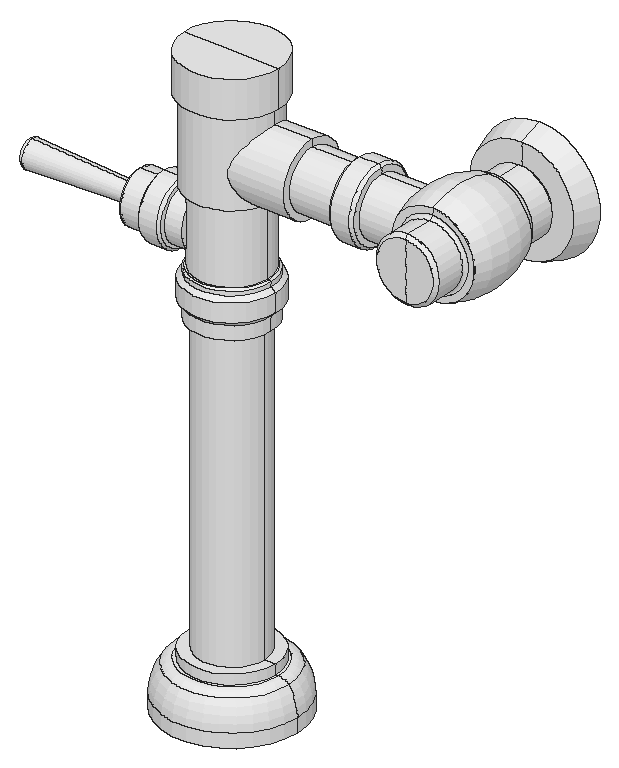
Revit family
Parameters (values of type "6047.111.002")
  Width = 5 1/4"
  Waste Connection = no
  Warranty Information = "1 Year Limited Warranty"
  WFU = 0
  Vent Connection = no
  URL = "http://www.americanstandard-us.com/"
  Type Comments = "Recommended: 25 psi (flowing)-80 psi (static). Water pressure over 80 psi is not recommended \r\nfor most plumbing fixtures."
  Product Page URL = "http://www.americanstandard-us.com/commercial-flush-valves/FloWise-Exposed-Manual-Flushometer-6231/"
  Product Documentation Link = "http://www.americanstandard-us.com/assets/documents/amstd/spec/SpecSheet_6231.pdf"
  Price = "Prices may vary. Please consult Manufacturer Representative for most up-to-date price list."  # constant formula
  Phone Number = "416-250-5656"  # constant formula
  Omniclass Table 23 Title = "Other Sanitary Washing Plumbing Fixtures"  # constant formula
  Omniclass Table 23 Code = "23.45.05.14.99"  # constant formula
  Model = "6047.111.002"
  Material = Metal-American Standard-002-Polished Chrome
  Masterformat Title = "Flushometers"  # constant formula
  Masterformat Number = "22 42 43"  # constant formula
  Manufacturer = "American Standard"
  Length = 2 1/4"
  Installation Type = "Surface Mounted"
  Height = 13 1/2"
  HWFU = 0
  HW Connection = no
  Flush Rate = "1.1 GPF"
  Description = "Exposed Manual Toilet 1.1 gpf Flush Valve"
  Default Elevation = 0"
  Creation Date = "16/04/2014"  # constant formula
  Created By = "Allied Technical Services"  # constant formula
  Cold Water Connection Width = 5 1/4"
  Cold Water Connection Radius = 3/8"
  Cold Water Connection Height = 11 1/2"
  Cold Water Connection Diameter = Cold Water Connection Radius * 2  # 3/4"
  CWFU = 0
  CW Connection = yes
  Assembly Code = "D2020300"
  ATS URL = "http://www.atsspec.net"
  ADA Compliant = yes
Reference planes (in)
  plane 1 "Center (Front/Back)": y = -1.78125
  plane 2: z = 0
  plane 3 "Center (Left/Right)": x = 0
  plane 4: z = 13.5
  plane 5: z = 11.5
  plane 6 "Right": x = 5.25
  plane 7: y = 0.46875
  plane 8: x = -0.75
  plane 9: x = 0.75
Forms (in)
  Revolve 1, solid, material "Metal-American Standard-002-Polished Chrome" <- "Material"
    sketch origin (0, -1.78125, 0) x (1, 0, 0) y (0, 0, -1)
      loop
        line (0, 0) -> (0, -13.5) -> (1.08292, -13.5) -> (1.08292, -12.67455) -> (0.97283, -12.67455) -> (0.97283, -10.74574) -> (0.82145, -10.74574) -> (0.82145, -9.08963) -> (0.85876, -9.08963) -> (0.90102, -9.04737) -> (0.90102, -8.95458) -> (0.99883, -8.85677) -> (0.99883, -8.44579) -> (0.90102, -8.34797) -> (0.90102, -8.04002) -> (0.75, -8.04002) -> (0.75, -1.24313) -> (1, -1.24313) -> (1, -1.02729) -> (1.07406, -1.02729)
        arc (1.07406, -1.02729) -> (1.20004, -0.99743) -> (1.29923, -0.91423) r 0.28075
        arc (1.29923, -0.91423) -> (1.4485, -0.62758) -> (1.5, -0.30853) r 1.01405
        line (1.5, -0.30853) -> (1.5, 0) -> (0, 0)
      axis (0, 0) -> (0, -13.5)
    angle from 0 to 360
  Revolve 2, solid, material "Metal-American Standard-002-Polished Chrome" <- "Material"
    sketch origin (0.0625, -1.78125, -0.13662) x (1, 0, 0) y (0, 0, -1)
      loop
        line (-0.74357, -9.90057) -> (-4.72348, -9.90057) -> (-4.72348, -10.11955)
        arc (-4.72348, -10.11955) -> (-4.6954, -10.18544) -> (-4.62842, -10.21082) r 0.09135
        line (-4.62842, -10.21082) -> (-2.3371, -10.11781)
        arc (-2.3371, -10.11781) -> (-2.26995, -10.1828) -> (-2.18898, -10.22943) r 0.38013
        line (-2.18898, -10.22943) -> (-2.18898, -10.44559)
        arc (-2.18898, -10.44559) -> (-2.17564, -10.4778) -> (-2.14343, -10.49114) r 0.04555
        line (-2.14343, -10.49114) -> (-1.66905, -10.49114) -> (-1.66905, -10.56986) -> (-1.6157, -10.62321) -> (-1.20908, -10.62321) -> (-1.15574, -10.56986) -> (-1.15574, -10.49114) -> (-0.74357, -10.49114) -> (-0.74357, -9.90057)
      axis (-0.74357, -9.90057) -> (-4.72348, -9.90057)
    angle from 0 to 360
  Revolve 3, solid, material "Metal-American Standard-002-Polished Chrome" <- "Material"
    sketch origin (0, -1.78125, -0.15234) x (1, 0, 0) y (0, 0, -1)
      loop
        line (0.13722, -11.65271) -> (0.13722, -12.46307) -> (1.83474, -12.46307) -> (1.83474, -12.31047) -> (2.86963, -12.31047) -> (2.86963, -12.43567) -> (2.93984, -12.49671) -> (3.35496, -12.49671) -> (3.42517, -12.43567) -> (3.42517, -12.31047) -> (4.50748, -12.31047) -> (4.50748, -11.65271) -> (0.13722, -11.65271)
      axis (0.13722, -11.65271) -> (4.50748, -11.65271)
    angle from 0 to 360
  Revolve 4, solid, material "Metal-American Standard-002-Polished Chrome" <- "Material"
    sketch origin (5.25, 0, 0) x (0, 0, 1) y (0, -1, 0)
      loop
        line (11.5, 3.37741) -> (10.85039, 3.37741) -> (10.77212, 3.29974) -> (10.77212, 2.66255)
        arc (10.77212, 2.66255) -> (10.75027, 2.60981) -> (10.69753, 2.58797) r 0.07459
        line (10.69753, 2.58797) -> (10.54918, 2.58797)
        arc (10.54918, 2.58797) -> (10.38437, 1.78246) -> (10.54944, 0.97701) r 2.04921
        line (10.54944, 0.97701) -> (10.59961, 0.97701)
        arc (10.59961, 0.97701) -> (10.60342, 0.88047) -> (10.65616, 0.79952) r 0.18174
        line (10.65616, 0.79952) -> (10.72639, 0.79952)
        arc (10.72639, 0.79952) -> (10.7405, 0.78008) -> (10.7455, 0.75658) r 0.0578
        line (10.7455, 0.75658) -> (10.7455, 0.11975) -> (10.82229, 0.04296) -> (10.29824, 0.04296) -> (10.12205, -0.46875) -> (11, -0.46875) -> (11, -0.50354) -> (11.5, -0.50354) -> (11.5, 3.37741)
      axis (11.5, 3.37741) -> (11.5, -0.50354)
    angle from 0 to 360
Cuts and joins
  joined: Revolve 1, Revolve 2, Revolve 3
Lines and regions (in)
  Masking region 1
    outline origin (0, 0, 0) x (0, 1, 0) y (0, 0, 1)
      loop
        line (-2.86417, 13.5) -> (-2.86417, 12.65392) -> (-2.7575, 12.65392) -> (-2.7575, 12.22727) -> (-3.29428, 12.22727) -> (-3.37741, 12.14415) -> (-3.37741, 10.84923) -> (-3.27392, 10.74574) -> (-2.75408, 10.74574) -> (-2.6025, 10.74574) -> (-2.6025, 9.08963) -> (-2.64057, 9.08963) -> (-2.68319, 9.04701) -> (-2.68319, 8.95367) -> (-2.77996, 8.8569) -> (-2.77996, 8.44674) -> (-2.68227, 8.34906) -> (-2.68227, 8.04002) -> (-2.53125, 8.04002) -> (-2.53125, 1.24313) -> (-2.78125, 1.24313) -> (-2.78125, 1.02729) -> (-2.85531, 1.02729)
        arc (-2.85531, 1.02729) -> (-2.94787, 1.01578) -> (-3.02486, 0.96314) r 0.19777
        arc (-3.02486, 0.96314) -> (-3.21495, 0.65294) -> (-3.28125, 0.29522) r 0.9982
        line (-3.28125, 0.29522) -> (-3.28125, 0) -> (-0.28125, 0) -> (-0.28125, 0.29522)
        arc (-0.28125, 0.29522) -> (-0.34755, 0.65294) -> (-0.53764, 0.96314) r 0.9982
        arc (-0.53764, 0.96314) -> (-0.61463, 1.01578) -> (-0.70719, 1.02729) r 0.19777
        line (-0.70719, 1.02729) -> (-0.78125, 1.02729) -> (-0.78125, 1.24313) -> (-1.03125, 1.24313) -> (-1.03125, 8.04002) -> (-0.88023, 8.04002) -> (-0.88023, 8.34906) -> (-0.78254, 8.44674) -> (-0.78254, 8.8569) -> (-0.87931, 8.95367) -> (-0.87931, 9.04701) -> (-0.92193, 9.08963) -> (-0.96, 9.08963) -> (-0.96, 10.59358)
        arc (-0.96, 10.59358) -> (-0.8752, 10.60681) -> (-0.805, 10.6562) r 0.18891
        line (-0.805, 10.6562) -> (-0.805, 10.72709)
        arc (-0.805, 10.72709) -> (-0.78731, 10.74067) -> (-0.76554, 10.7455) r 0.05152
        line (-0.76554, 10.7455) -> (-0.11975, 10.7455) -> (-0.04296, 10.82229) -> (-0.04296, 10.29824) -> (0.46875, 10.12205) -> (0.46875, 11) -> (0.50354, 11) -> (0.50354, 12) -> (0.46875, 12) -> (0.46875, 12.87795) -> (-0.04296, 12.70176) -> (-0.04296, 12.17771) -> (-0.11975, 12.2545) -> (-0.76554, 12.2545)
        arc (-0.76554, 12.2545) -> (-0.78731, 12.25933) -> (-0.805, 12.27291) r 0.05152
        line (-0.805, 12.27291) -> (-0.805, 12.65392) -> (-0.69833, 12.65392) -> (-0.69833, 13.5) -> (-2.86417, 13.5)
  Masking region 2
    outline origin (0, -1.78125, 0) x (1, 0, 0) y (0, 0, 1)
      loop
        line (-2.2746, 9.9812) -> (-4.56674, 10.07399)
        arc (-4.56674, 10.07399) -> (-4.63301, 10.04887) -> (-4.66079, 9.98367) r 0.0904
        line (-4.66079, 9.98367) -> (-4.66079, 9.54423)
        arc (-4.66079, 9.54423) -> (-4.63301, 9.47903) -> (-4.56674, 9.45391) r 0.0904
        line (-4.56674, 9.45391) -> (-2.2746, 9.54671)
        arc (-2.2746, 9.54671) -> (-2.20929, 9.48086) -> (-2.12648, 9.43909) r 0.2889
        line (-2.12648, 9.43909) -> (-2.12648, 9.2101)
        arc (-2.12648, 9.2101) -> (-2.11482, 9.18196) -> (-2.08667, 9.1703) r 0.0398
        line (-2.08667, 9.1703) -> (-1.60655, 9.1703) -> (-1.60655, 9.09158) -> (-1.5532, 9.03823) -> (-1.14658, 9.03823) -> (-1.09324, 9.09158) -> (-1.09324, 9.17053) -> (-0.82145, 9.17053) -> (-0.82145, 9.08963) -> (-0.85876, 9.08963) -> (-0.90102, 9.04737) -> (-0.90102, 8.95458) -> (-0.99883, 8.85677) -> (-0.99883, 8.44579) -> (-0.90102, 8.34797) -> (-0.90102, 8.04002) -> (-0.75, 8.04002) -> (-0.75, 1.24313) -> (-1, 1.24313) -> (-1, 1.02729) -> (-1.07406, 1.02729)
        arc (-1.07406, 1.02729) -> (-1.1774, 1.00724) -> (-1.26293, 0.94588) r 0.24625
        arc (-1.26293, 0.94588) -> (-1.4387, 0.65905) -> (-1.5, 0.32828) r 0.92299
        line (-1.5, 0.32828) -> (-1.5, 0) -> (1.5, 0) -> (1.5, 0.32828)
        arc (1.5, 0.32828) -> (1.4387, 0.65905) -> (1.26293, 0.94588) r 0.92299
        arc (1.26293, 0.94588) -> (1.1774, 1.00724) -> (1.07406, 1.02729) r 0.24625
        line (1.07406, 1.02729) -> (1, 1.02729) -> (1, 1.24313) -> (0.75, 1.24313) -> (0.75, 8.04002) -> (0.90102, 8.04002) -> (0.90102, 8.34797) -> (0.99883, 8.44579) -> (0.99883, 8.85677) -> (0.90102, 8.95458) -> (0.90102, 9.04737) -> (0.85876, 9.08963) -> (0.82145, 9.08963) -> (0.82145, 10.68927) -> (1.83474, 10.68927) -> (1.83474, 10.84211) -> (2.86963, 10.84211) -> (2.86963, 10.71667) -> (2.94082, 10.65564) -> (3.35496, 10.65564) -> (3.42517, 10.71667) -> (3.42517, 10.844) -> (4.03133, 10.844)
        arc (4.03133, 10.844) -> (6.63575, 11.5) -> (4.03133, 12.156) r 1.38483
        line (4.03133, 12.156) -> (3.42517, 12.156) -> (3.42517, 12.28333) -> (3.35496, 12.34436) -> (2.94082, 12.34436) -> (2.86963, 12.28333) -> (2.86963, 12.15789) -> (1.83474, 12.15789) -> (1.83474, 12.31073) -> (0.97283, 12.31073) -> (0.97283, 12.65392) -> (1.08292, 12.65392) -> (1.08292, 13.5) -> (-1.08292, 13.5) -> (-1.08292, 12.67455) -> (-0.97283, 12.67455) -> (-0.97283, 10.74574) -> (-0.82145, 10.74574) -> (-0.82145, 10.35429) -> (-1.09324, 10.35429) -> (-1.09324, 10.43324) -> (-1.14658, 10.48659) -> (-1.5532, 10.48659) -> (-1.60655, 10.43324) -> (-1.60655, 10.35452) -> (-2.08667, 10.35452)
        arc (-2.08667, 10.35452) -> (-2.11482, 10.34286) -> (-2.12648, 10.31472) r 0.0398
        line (-2.12648, 10.31472) -> (-2.12648, 10.08881)
        arc (-2.12648, 10.08881) -> (-2.20929, 10.04705) -> (-2.2746, 9.9812) r 0.2889
  Masking region 3
    outline origin (0, 0, 0) x (1, 0, 0) y (0, 1, 0)
      loop
        line (-2.2746, -1.56401) -> (-4.57233, -1.47129)
        arc (-4.57233, -1.47129) -> (-4.63501, -1.49725) -> (-4.66098, -1.55993) r 0.08864
        line (-4.66098, -1.55993) -> (-4.66098, -2.00257)
        arc (-4.66098, -2.00257) -> (-4.63501, -2.06525) -> (-4.57233, -2.09121) r 0.08864
        line (-4.57233, -2.09121) -> (-2.2746, -1.99849)
        arc (-2.2746, -1.99849) -> (-2.20878, -2.06212) -> (-2.12648, -2.10221) r 0.29175
        line (-2.12648, -2.10221) -> (-2.12648, -2.32258)
        arc (-2.12648, -2.32258) -> (-2.11171, -2.35823) -> (-2.07607, -2.37299) r 0.05041
        line (-2.07607, -2.37299) -> (-1.60655, -2.37299) -> (-1.60655, -2.45054) -> (-1.5532, -2.50389) -> (-1.31446, -2.50389)
        arc (-1.31446, -2.50389) -> (-0.05104, -3.28038) -> (1.26227, -2.59161) r 1.5
        line (1.26227, -2.59161) -> (1.83474, -2.59161) -> (1.83474, -2.43905) -> (2.86963, -2.43905) -> (2.86963, -2.56421) -> (2.94031, -2.62565) -> (3.35439, -2.62565) -> (3.42517, -2.56421) -> (3.42517, -2.43871) -> (4.23661, -2.43871)
        arc (4.23661, -2.43871) -> (4.2632, -2.51115) -> (4.29255, -2.5825) r 2.00986
        line (4.29255, -2.5825) -> (4.438, -2.5825)
        arc (4.438, -2.5825) -> (4.49261, -2.60512) -> (4.51523, -2.65973) r 0.07723
        line (4.51523, -2.65973) -> (4.51523, -3.29428) -> (4.5935, -3.37195) -> (5.25, -3.37195) -> (5.89868, -3.37195) -> (5.97696, -3.29428) -> (5.97696, -2.65973)
        arc (5.97696, -2.65973) -> (5.99958, -2.60512) -> (6.05419, -2.5825) r 0.07723
        line (6.05419, -2.5825) -> (6.19964, -2.5825)
        arc (6.19964, -2.5825) -> (6.36572, -1.78249) -> (6.19964, -0.98247) r 2.00986
        line (6.19964, -0.98247) -> (6.14718, -0.98247)
        arc (6.14718, -0.98247) -> (6.14348, -0.88656) -> (6.09292, -0.80498) r 0.18797
        line (6.09292, -0.80498) -> (6.02204, -0.80498)
        arc (6.02204, -0.80498) -> (6.00985, -0.78656) -> (6.00358, -0.76539) r 0.07471
        line (6.00358, -0.76539) -> (6.00358, -0.11975) -> (5.92679, -0.04296) -> (6.45083, -0.04296) -> (6.62703, 0.46875) -> (5.74908, 0.46875) -> (5.74908, 0.50354) -> (5.25, 0.50354) -> (4.75092, 0.50354) -> (4.75092, 0.46875) -> (3.87297, 0.46875) -> (4.04917, -0.04296) -> (4.5654, -0.04296) -> (4.48861, -0.11975) -> (4.48861, -0.76485)
        arc (4.48861, -0.76485) -> (4.48233, -0.78603) -> (4.47015, -0.80444) r 0.07471
        line (4.47015, -0.80444) -> (4.39927, -0.80444)
        arc (4.39927, -0.80444) -> (4.34871, -0.88602) -> (4.34501, -0.98193) r 0.18797
        line (4.34501, -0.98193) -> (4.29255, -0.98193)
        arc (4.29255, -0.98193) -> (4.26368, -1.05201) -> (4.23747, -1.12312) r 2.01007
        line (4.23747, -1.12312) -> (3.42517, -1.12312) -> (3.42517, -0.99829) -> (3.35439, -0.93685) -> (2.94031, -0.93685) -> (2.86963, -0.99829) -> (2.86963, -1.12345) -> (1.83474, -1.12345) -> (1.83474, -0.97089) -> (1.26227, -0.97089)
        arc (1.26227, -0.97089) -> (-0.05104, -0.28212) -> (-1.31446, -1.05861) r 1.5
        line (-1.31446, -1.05861) -> (-1.5532, -1.05861) -> (-1.60655, -1.11196) -> (-1.60655, -1.18951) -> (-2.07607, -1.18951)
        arc (-2.07607, -1.18951) -> (-2.11171, -1.20427) -> (-2.12648, -1.23992) r 0.05041
        line (-2.12648, -1.23992) -> (-2.12648, -1.46029)
        arc (-2.12648, -1.46029) -> (-2.20878, -1.50038) -> (-2.2746, -1.56401) r 0.29175
  symbolic lines, style "PlumbingFixtures", detail levels fine
    curve 1: line (0, -0.11975, 12.2545) -> (0, -0.11975, 10.7455)
    curve 2: line (0, -3.27392, 12.22727) -> (0, -3.27392, 10.74574)
    curve 3: line (0, 0.46875, 12) -> (0, 0.46875, 11)
    curve 4: line (0, -0.04296, 12.17771) -> (0, -0.04296, 10.82229)
    curve 7: line (-2.2746, -1.78125, 9.55817) -> (-2.2746, -1.78125, 9.99266)
    curve 8: circle (5.25092, -1.78125, 11.5) r 0.95082 normal (0, -1, 0)
    curve 9: circle (5.25092, -1.78125, 11.5) r 0.72788 normal (0, -1, 0)
    curve 13: line (3.42517, -1.78125, 10.844) -> (3.42517, -1.78125, 12.156)
    curve 14: line (2.86963, -1.78125, 10.84211) -> (2.86963, -1.78125, 12.15789)
    curve 15: line (-2.12648, -1.78125, 9.45055) -> (-2.12648, -1.78125, 10.10028)
    curve 16: line (-1.60655, -1.78125, 9.18485) -> (-1.60655, -1.78125, 10.36598)
    curve 17: line (-1.09324, -1.78125, 9.18508) -> (-1.09324, -1.78125, 10.36575)
    curve 21: line (4.51523, -3.29428, 0) -> (5.97696, -3.29428, 0)
    curve 22: line (4.48861, -0.11975, 0) -> (6.00358, -0.11975, 0)
    curve 28: circle (0, -1.78125, 0) r 0.54419 normal (0, 0, -1)
    curve 30: line (4.75092, 0.46875, 0) -> (5.74908, 0.46875, 0)
    curve 32: line (3.42517, -2.43871, 0) -> (3.42517, -1.12377, 0)
    curve 33: line (2.86963, -2.43905, 0) -> (2.86963, -1.12345, 0)
    curve 34: line (-1.60655, -2.37299, 0) -> (-1.60655, -1.18951, 0)
    curve 37: line (-2.12648, -2.10221, 0) -> (-2.12648, -1.46029, 0)
    curve 38: line (4.34501, -0.98247, 0) -> (6.14718, -0.98247, 0)
    curve 39: line (4.47015, -0.80498, 0) -> (6.02204, -0.80498, 0)
    curve 41: line (-0.90102, -1.78125, 8.95458) -> (0.90102, -1.78125, 8.95458)
    curve 42: line (-0.90102, -1.78125, 8.34797) -> (0.90102, -1.78125, 8.34797)
    curve 43: line (-0.85876, -1.78125, 9.08963) -> (0.82145, -1.78125, 9.08963)
    curve 49: line (0, -2.68227, 8.34906) -> (0, -0.88023, 8.34906)
    curve 50: line (0, -0.87931, 8.95367) -> (0, -2.68319, 8.95367)
    curve 51: line (0, -2.6025, 9.08963) -> (0, -2.04103, 9.08963)
    curve 53: line (0, -2.78125, 1.02729) -> (0, -0.78125, 1.02729)
    curve 55: line (0, -1.52147, 9.08963) -> (0, -0.96, 9.08963)
    curve 61: line (-0.82145, -1.78125, 9.17053) -> (-0.82145, -1.78125, 10.36575)
  symbolic lines, style "PlumbingFixtures", detail levels medium+fine
    curve 5: line (0, -2.75408, 12.65392) -> (0, -0.805, 12.65392)
    curve 6: line (0, -2.7575, 12.22727) -> (0, -2.7575, 10.74434)
    curve 10: line (-0.97283, -1.78125, 12.67455) -> (0.97283, -1.78125, 12.67455)
    curve 11: line (1.83474, -1.78125, 10.84211) -> (1.83474, -1.78125, 12.15789)
    curve 12: arc (4.03133, -1.78125, 10.844) -> (3.8661, -1.78125, 11.4968) -> (4.02831, -1.78125, 12.15037) r 1.38483
    curve 18: circle (0, -1.78125, 0) r 1.08292 normal (0, 0, -1)
    curve 19: line (-1.09324, -1.11196, 0) -> (-1.09324, -1.19606, 0)
    curve 20: line (-0.91119, -1.19606, 0) -> (-1.09324, -1.19606, 0)
    curve 23: line (-1.14658, -1.05861, 0) -> (-1.09324, -1.11196, 0)
    curve 24: line (-0.90763, -2.37195, 0) -> (-1.09324, -2.37195, 0)
    curve 25: line (-1.09324, -2.45054, 0) -> (-1.14658, -2.50389, 0)
    curve 26: line (1.26227, -0.97089, 0) -> (0.71835, -0.97089, 0)
    curve 27: line (1.26227, -2.59161, 0) -> (0.71835, -2.59161, 0)
    curve 29: line (4.5654, -0.04296, 0) -> (5.92679, -0.04296, 0)
    curve 31: line (4.438, -2.5825, 0) -> (6.05419, -2.5825, 0)
    curve 35: line (-1.09324, -1.19606, 0) -> (-1.09324, -2.37195, 0)
    curve 36: line (-1.09324, -2.37195, 0) -> (-1.09324, -2.45054, 0)
    curve 40: arc (4.23747, -1.12377, 0) -> (4.12646, -1.78117, 0) -> (4.23661, -2.43871, 0) r 2.00986
    curve 44: line (-0.75, -1.78125, 1.24313) -> (0.75, -1.78125, 1.24313)
    curve 45: line (-1, -1.78125, 1.02729) -> (1, -1.78125, 1.02729)
    curve 46: line (-0.75, -1.78125, 8.04002) -> (0.75, -1.78125, 8.04002)
    curve 47: circle (0, -1.78125, 9.76395) r 0.72264 normal (1, 0, 0)
    curve 48: circle (0, -1.78125, 9.76395) r 0.32886 normal (1, 0, 0)
    curve 52: line (0, -2.53125, 1.24313) -> (0, -1.03125, 1.24313)
    curve 54: line (0, -2.53125, 8.04002) -> (0, -1.03125, 8.04002)
    curve 56: line (-1.31446, -2.50389, 0) -> (-1.14658, -2.50389, 0)
    curve 57: line (-1.31446, -1.05861, 0) -> (-1.14658, -1.05861, 0)
    curve 58: line (1.83474, -2.43905, 0) -> (1.83474, -1.12345, 0)
  symbolic lines, detail levels fine
    curve 59: arc (0.97283, -1.78125, 12.31073) -> (0.67203, -1.78125, 11.52139) -> (0.82145, -1.78125, 10.69) r 1.578
  symbolic lines, detail levels medium+fine
    curve 60: line (0, -0.805, 12.27291) -> (0, -0.805, 10.72709)
Dimensions and locks (in)
  "Cold Water Connection Height": plane 5 to plane 2
  "Cold Water Connection Width": plane 6 "Right" to plane 3 "Center (Left/Right)"
  "Length": plane 7 to plane 1 "Center (Front/Back)"
  "Height": plane 4 to plane 2
Automatic sketch dimensions
  plane 3 "Center (Left/Right)" to Revolve 3 sketch curve = 0.13722"
  plane 5 to Revolve 3 sketch curve = 0.00037"  (x2)
  Revolve 3 sketch curve to Revolve 3 sketch curve = 0.82644"
  Revolve 3 sketch curve to Revolve 3 sketch curve = 1/4"
  Revolve 3 sketch curve to Revolve 3 sketch curve = 159/256"
  Revolve 3 sketch curve to Revolve 3 sketch curve = 1.03489"
  plane 5 to Revolve 3 sketch curve = 0.84436"
  Revolve 3 sketch curve to Revolve 3 sketch curve = 0.07021"  (x2)
  Revolve 3 sketch curve to Revolve 3 sketch curve = 0.41512"
  Revolve 3 sketch curve to plane 6 "Right" = 0.74252"
  Revolve 3 sketch curve to Revolve 3 sketch curve = 0.81036"
  Revolve 3 sketch curve to Revolve 3 sketch curve = 0.06103"  (x2)
  Revolve 3 sketch curve to Revolve 3 sketch curve = 0.65776"
  Revolve 3 sketch curve to Revolve 3 sketch curve = 0.12521"
  Revolve 2 sketch curve to plane 3 "Center (Left/Right)" = 4.66098"
  Revolve 2 sketch curve to Revolve 2 sketch curve = 0.09135"
  Revolve 2 sketch curve to Revolve 2 sketch curve = 0.0037"
  Revolve 2 sketch curve to plane 3 "Center (Left/Right)" = 2.2746"
  Revolve 2 sketch curve to Revolve 2 sketch curve = 0.14813"
  Revolve 2 sketch curve to Revolve 2 sketch curve = 0.04555"
  Revolve 2 sketch curve to Revolve 2 sketch curve = 0.29592"
  Revolve 2 sketch curve to Revolve 2 sketch curve = 0.47438"
  Revolve 2 sketch curve to Revolve 2 sketch curve = 0.05334"  (x4)
  Revolve 2 sketch curve to Revolve 2 sketch curve = 0.45879"
  Revolve 2 sketch curve to Revolve 2 sketch curve = 0.40662"
  Revolve 2 sketch curve to Revolve 2 sketch curve = 57/256"
  Revolve 2 sketch curve to Revolve 2 sketch curve = 0.41216"
  Revolve 2 sketch curve to plane 5 = 1.01341"
  Revolve 2 sketch curve to Revolve 2 sketch curve = 0.07872"  (x2)
  Revolve 2 sketch curve to Revolve 2 sketch curve = 0.21616"
  Revolve 2 sketch curve to plane 5 = 1 109/256"
  Revolve 2 sketch curve to Revolve 2 sketch curve = 0.11162"
  Revolve 2 sketch curve to Revolve 2 sketch curve = 0.59057"
  Revolve 2 sketch curve to Revolve 2 sketch curve = 0"
  Revolve 1 sketch curve to level = 0"  (x2)
  Revolve 1 sketch curve to plane 3 "Center (Left/Right)" = 0"  (x2)
  Revolve 1 sketch curve to plane 9 = 0"
  Revolve 1 sketch curve to plane 4 = 0"
  Revolve 1 sketch curve to plane 9 = 0.26405"
  plane 9 to Revolve 1 sketch curve = 0.07145"
  Revolve 1 sketch curve to Revolve 1 sketch curve = 0.03731"
  Revolve 1 sketch curve to Revolve 1 sketch curve = 0.04226"  (x2)
  plane 9 to Revolve 1 sketch curve = 0.15102"
  Revolve 1 sketch curve to Revolve 1 sketch curve = 0.15138"
  Revolve 1 sketch curve to Revolve 1 sketch curve = 0.09781"  (x3)
  plane 9 to Revolve 1 sketch curve = 1/4"
  Revolve 1 sketch curve to Revolve 1 sketch curve = 0.07406"
  Revolve 1 sketch curve to Revolve 1 sketch curve = 0.11009"
  Revolve 1 sketch curve to Revolve 1 sketch curve = 0.22517"
  Revolve 1 sketch curve to Revolve 1 sketch curve = 0"
  level to Revolve 1 sketch curve = 0.30853"
  Revolve 1 sketch curve to Revolve 1 sketch curve = 0.42594"
  Revolve 1 sketch curve to plane 4 = 0.82545"
  Revolve 1 sketch curve to plane 5 = 0.75426"
  Revolve 1 sketch curve to Revolve 1 sketch curve = 1.65612"
  Revolve 1 sketch curve to Revolve 1 sketch curve = 0.09279"
  Revolve 1 sketch curve to Revolve 1 sketch curve = 0.41098"
  Revolve 1 sketch curve to Revolve 1 sketch curve = 0.30795"
  Revolve 1 sketch curve to Revolve 1 sketch curve = 0.21585"
  Revolve 1 sketch curve to Revolve 1 sketch curve = 0.44147"
  plane 8 to Masking region 2 sketch curve = 0"
  Masking region 2 sketch curve to plane 9 = 0"
  Masking region 2 sketch curve to level = 0"
  Masking region 2 sketch curve to plane 5 = 0"
  plane 8 to Masking region 2 sketch curve = 0.07145"  (x2)
  Masking region 2 sketch curve to Masking region 2 sketch curve = 0.03731"  (x2)
  Masking region 2 sketch curve to Masking region 2 sketch curve = 0.04226"  (x4)
  Masking region 2 sketch curve to Masking region 2 sketch curve = 0.15102"
  Masking region 2 sketch curve to Masking region 2 sketch curve = 0.15138"
  Masking region 2 sketch curve to Masking region 2 sketch curve = 0.09781"  (x6)
  plane 8 to Masking region 2 sketch curve = 1/4"
  Masking region 2 sketch curve to Masking region 2 sketch curve = 0.07406"  (x2)
  Masking region 2 sketch curve to Masking region 2 sketch curve = 0.00586"  (x2)
  Masking region 2 sketch curve to Masking region 2 sketch curve = 0.11009"  (x2)
  Masking region 2 sketch curve to Masking region 2 sketch curve = 0.27179"
  Masking region 2 sketch curve to Masking region 2 sketch curve = 0.19222"
  Masking region 2 sketch curve to Masking region 2 sketch curve = 0.05334"  (x7)
  Masking region 2 sketch curve to Masking region 2 sketch curve = 0.18886"  (x2)
  Masking region 2 sketch curve to Masking region 2 sketch curve = 0"  (x5)
  plane 8 to Masking region 2 sketch curve = 3/4"
  Masking region 2 sketch curve to Masking region 2 sketch curve = 0.40662"  (x2)
  Masking region 2 sketch curve to Masking region 2 sketch curve = 0.43293"
  Masking region 2 sketch curve to Masking region 2 sketch curve = 0.48013"  (x2)
  Masking region 2 sketch curve to Masking region 2 sketch curve = 0.0398"  (x2)
  Masking region 2 sketch curve to Masking region 2 sketch curve = 0.14813"  (x2)
  Masking region 2 sketch curve to Masking region 2 sketch curve = 2.29213"
  Masking region 2 sketch curve to plane 5 = 1.42601"
  Masking region 2 sketch curve to Masking region 2 sketch curve = 0.00366"  (x2)
  Masking region 2 sketch curve to Masking region 2 sketch curve = 0.0904"
  Masking region 2 sketch curve to plane 8 = 0.17299"
  Masking region 2 sketch curve to plane 9 = 0.17299"
  plane 9 to Masking region 2 sketch curve = 0.07145"
  plane 9 to Masking region 2 sketch curve = 0.15102"
  plane 9 to Masking region 2 sketch curve = 0.22283"
  plane 9 to Masking region 2 sketch curve = 1/4"
  level to Masking region 2 sketch curve = 0.32828"
  Masking region 2 sketch curve to Masking region 2 sketch curve = 0.42008"
  Masking region 2 sketch curve to Masking region 2 sketch curve = 0.86191"
  Masking region 2 sketch curve to Masking region 2 sketch curve = 1.01329"
  Masking region 2 sketch curve to Masking region 2 sketch curve = 1.03489"  (x2)
  Masking region 2 sketch curve to Masking region 2 sketch curve = 0.07119"  (x2)
  plane 5 to Masking region 2 sketch curve = 0.84436"
  Masking region 2 sketch curve to Masking region 2 sketch curve = 0.41414"  (x2)
  Masking region 2 sketch curve to plane 5 = 0.78333"
  Masking region 2 sketch curve to Masking region 2 sketch curve = 0.07021"  (x2)
  Masking region 2 sketch curve to Masking region 2 sketch curve = 0.60615"  (x2)
  plane 6 "Right" to Masking region 2 sketch curve = 0.00092"
  Masking region 2 sketch curve to Masking region 2 sketch curve = 0.32828"
  Masking region 2 sketch curve to Masking region 2 sketch curve = 0.21585"  (x2)
  Masking region 2 sketch curve to plane 5 = 3.45998"
  Masking region 2 sketch curve to Masking region 2 sketch curve = 0.30795"  (x2)
  Masking region 2 sketch curve to Masking region 2 sketch curve = 0.41098"  (x2)
  Masking region 2 sketch curve to Masking region 2 sketch curve = 0.18147"
  Masking region 2 sketch curve to Masking region 2 sketch curve = 0.09279"  (x2)
  Masking region 2 sketch curve to Masking region 2 sketch curve = 0.07872"  (x2)
  Masking region 2 sketch curve to Masking region 2 sketch curve = 0.07895"  (x2)
  Masking region 2 sketch curve to Masking region 2 sketch curve = 0.22899"
  Masking region 2 sketch curve to Masking region 2 sketch curve = 0.52976"
  Masking region 2 sketch curve to Masking region 2 sketch curve = 0.10762"
  Masking region 2 sketch curve to Masking region 2 sketch curve = 0.09874"
  Masking region 2 sketch curve to Masking region 2 sketch curve = 0.16787"
  Masking region 2 sketch curve to Masking region 2 sketch curve = 0.2259"
  Masking region 2 sketch curve to Masking region 2 sketch curve = 0.00023"
  Masking region 2 sketch curve to Masking region 2 sketch curve = 0.06103"  (x4)
  Masking region 2 sketch curve to plane 5 = 0.81073"
  Masking region 2 sketch curve to Masking region 2 sketch curve = 0.39145"
  Masking region 2 sketch curve to Masking region 2 sketch curve = 0.12544"
  Masking region 2 sketch curve to Masking region 2 sketch curve = 0.12733"
  plane 5 to Masking region 2 sketch curve = 0.65789"
  Masking region 2 sketch curve to Masking region 2 sketch curve = 0.15284"
  Masking region 2 sketch curve to Masking region 2 sketch curve = 0.3432"
  Masking region 2 sketch curve to plane 4 = 0.82545"
  Masking region 2 sketch curve to plane 4 = 0"
  Masking region 3 sketch curve to Masking region 3 sketch curve = 0"  (x6)
  plane 7 to Masking region 3 sketch curve = 0"  (x2)
  Masking region 3 sketch curve to plane 6 "Right" = 0"  (x2)
  Masking region 3 sketch curve to Masking region 3 sketch curve = 0.49908"
  Masking region 3 sketch curve to Masking region 3 sketch curve = 0.6565"
  Masking region 3 sketch curve to Masking region 3 sketch curve = 0.18553"
  Masking region 3 sketch curve to plane 6 "Right" = 0.72154"
  Masking region 3 sketch curve to Masking region 3 sketch curve = 0.07828"  (x2)
  Masking region 3 sketch curve to Masking region 3 sketch curve = 0.07679"  (x3)
  Masking region 3 sketch curve to Masking region 3 sketch curve = 0.01846"  (x2)
  Masking region 3 sketch curve to Masking region 3 sketch curve = 0.07723"  (x2)
  Masking region 3 sketch curve to Masking region 3 sketch curve = 0.05552"
  Masking region 3 sketch curve to Masking region 3 sketch curve = 0.01535"  (x2)
  plane 1 "Center (Front/Back)" to Masking region 3 sketch curve = 0.00124"  (x2)
  Masking region 3 sketch curve to Masking region 3 sketch curve = 0.08213"  (x2)
  Masking region 3 sketch curve to Masking region 3 sketch curve = 0.05426"  (x2)
  Masking region 3 sketch curve to Masking region 3 sketch curve = 0.14545"  (x2)
  Masking region 3 sketch curve to Masking region 3 sketch curve = 0.05246"  (x2)
  Masking region 3 sketch curve to Masking region 3 sketch curve = 0.05507"
  Masking region 3 sketch curve to Masking region 3 sketch curve = 0.05594"
  Masking region 3 sketch curve to Masking region 3 sketch curve = 0.43944"
  Masking region 3 sketch curve to Masking region 3 sketch curve = 0.1762"  (x2)
  Masking region 3 sketch curve to Masking region 3 sketch curve = 0.81144"
  Masking region 3 sketch curve to Masking region 3 sketch curve = 0.8123"
  Masking region 3 sketch curve to Masking region 3 sketch curve = 0.07078"  (x2)
  Masking region 3 sketch curve to Masking region 3 sketch curve = 0.41408"  (x2)
  Masking region 3 sketch curve to plane 1 "Center (Front/Back)" = 0.8444"
  Masking region 3 sketch curve to plane 1 "Center (Front/Back)" = 0.78296"
  Masking region 3 sketch curve to Masking region 3 sketch curve = 0.07067"  (x2)
  Masking region 3 sketch curve to Masking region 3 sketch curve = 1.03489"  (x2)
  plane 9 to Masking region 3 sketch curve = 0.51227"  (x2)
  Masking region 3 sketch curve to Masking region 3 sketch curve = 0.23874"  (x2)
  Masking region 3 sketch curve to Masking region 3 sketch curve = 0.05334"  (x3)
  plane 1 "Center (Front/Back)" to Masking region 3 sketch curve = 0.04188"
  Masking region 3 sketch curve to Masking region 3 sketch curve = 0.43489"
  Masking region 3 sketch curve to Masking region 3 sketch curve = 0.46952"  (x2)
  Masking region 3 sketch curve to Masking region 3 sketch curve = 0.05041"  (x2)
  Masking region 3 sketch curve to Masking region 3 sketch curve = 0.14813"  (x2)
  plane 1 "Center (Front/Back)" to Masking region 3 sketch curve = 0.30996"
  Masking region 3 sketch curve to plane 1 "Center (Front/Back)" = 0.30996"
  Masking region 3 sketch curve to Masking region 3 sketch curve = 0.08864"
  plane 6 "Right" to Masking region 3 sketch curve = 0.49908"
  plane 6 "Right" to Masking region 3 sketch curve = 0.64868"
  Masking region 3 sketch curve to Masking region 3 sketch curve = 0.17771"
  plane 6 "Right" to Masking region 3 sketch curve = 0.71372"
  Masking region 3 sketch curve to Masking region 3 sketch curve = 0.03986"
  Masking region 3 sketch curve to Masking region 3 sketch curve = 0.07398"
  Masking region 3 sketch curve to Masking region 3 sketch curve = 0.44725"
  Masking region 3 sketch curve to Masking region 3 sketch curve = 0.27908"
  Masking region 3 sketch curve to Masking region 3 sketch curve = 0.22037"  (x2)
  plane 1 "Center (Front/Back)" to Masking region 3 sketch curve = 0.65746"
  plane 1 "Center (Front/Back)" to Masking region 3 sketch curve = 0.6578"
  Masking region 3 sketch curve to Masking region 3 sketch curve = 0.07755"  (x2)
  Masking region 3 sketch curve to Masking region 3 sketch curve = 0.1255"
  Masking region 3 sketch curve to Masking region 3 sketch curve = 0.12516"  (x2)
  plane 1 "Center (Front/Back)" to Masking region 3 sketch curve = 0.80125"
  Masking region 3 sketch curve to Masking region 3 sketch curve = 0.15256"  (x2)
  Masking region 3 sketch curve to Masking region 3 sketch curve = 0.06144"  (x2)
  Masking region 3 sketch curve to Masking region 3 sketch curve = 0.63455"  (x2)
  Masking region 3 sketch curve to Masking region 3 sketch curve = 0.07767"
  Masking region 3 sketch curve to plane 1 "Center (Front/Back)" = 0.04188"
  Masking region 3 sketch curve to plane 1 "Center (Front/Back)" = 0.21724"
  Masking region 3 sketch curve to plane 1 "Center (Front/Back)" = 0.65813"
  Masking region 3 sketch curve to Masking region 3 sketch curve = 0.04095"  (x2)
  Masking region 3 sketch curve to Masking region 3 sketch curve = 0.03959"  (x2)
  plane 7 to Masking region 3 sketch curve = 0.5885"  (x2)
  Masking region 3 sketch curve to plane 7 = 0.03479"
  plane 1 "Center (Front/Back)" to Masking region 3 sketch curve = 0"
  Masking region 3 sketch curve to plane 3 "Center (Left/Right)" = 0"
  Masking region 3 sketch curve to Masking region 3 sketch curve = 2.29773"
  plane 8 to Masking region 3 sketch curve = 0.56446"
  Masking region 1 sketch curve to level = 0"
  Masking region 1 sketch curve to plane 4 = 0"
  Masking region 1 sketch curve to plane 7 = 0"  (x2)
  plane 7 to Masking region 1 sketch curve = 131/256"  (x2)
  Masking region 1 sketch curve to Masking region 1 sketch curve = 0.07679"  (x4)
  level to Masking region 1 sketch curve = 0.29522"  (x2)
  plane 7 to Masking region 1 sketch curve = 3/4"
  Masking region 1 sketch curve to Masking region 1 sketch curve = 0.25639"
  Masking region 1 sketch curve to Masking region 1 sketch curve = 0"  (x3)
  Masking region 1 sketch curve to Masking region 1 sketch curve = 0.14697"
  Masking region 1 sketch curve to Masking region 1 sketch curve = 0.65537"
  Masking region 1 sketch curve to Masking region 1 sketch curve = 0.16955"  (x2)
  Masking region 1 sketch curve to Masking region 1 sketch curve = 0.64579"
  Masking region 1 sketch curve to Masking region 1 sketch curve = 0.06721"
  Masking region 1 sketch curve to Masking region 1 sketch curve = 0.07406"  (x2)
  Masking region 1 sketch curve to plane 1 "Center (Front/Back)" = 0.99871"
  Masking region 1 sketch curve to Masking region 1 sketch curve = 0.03947"  (x2)
  Masking region 1 sketch curve to Masking region 1 sketch curve = 0.09677"  (x4)
  Masking region 1 sketch curve to Masking region 1 sketch curve = 0.09769"  (x3)
  Masking region 1 sketch curve to Masking region 1 sketch curve = 0.04262"  (x4)
  Masking region 1 sketch curve to Masking region 1 sketch curve = 0.14096"
  Masking region 1 sketch curve to Masking region 1 sketch curve = 0.03808"  (x2)
  Masking region 1 sketch curve to Masking region 1 sketch curve = 1/4"  (x2)
  Masking region 1 sketch curve to plane 1 "Center (Front/Back)" = 0.5018"
  plane 1 "Center (Front/Back)" to Masking region 1 sketch curve = 0.5018"
  plane 1 "Center (Front/Back)" to Masking region 1 sketch curve = 3/4"
  plane 1 "Center (Front/Back)" to Masking region 1 sketch curve = 0.82125"
  Masking region 1 sketch curve to Masking region 1 sketch curve = 0.15102"
  Masking region 1 sketch curve to Masking region 1 sketch curve = 0.15158"
  plane 1 "Center (Front/Back)" to Masking region 1 sketch curve = 0.97625"
  Masking region 1 sketch curve to Masking region 1 sketch curve = 0.10668"
  Masking region 1 sketch curve to Masking region 1 sketch curve = 0.02257"
  Masking region 1 sketch curve to Masking region 1 sketch curve = 0.51984"
  Masking region 1 sketch curve to Masking region 1 sketch curve = 0.40337"
  plane 5 to Masking region 1 sketch curve = 0.72727"
  Masking region 1 sketch curve to Masking region 1 sketch curve = 0.53679"
  Masking region 1 sketch curve to plane 5 = 0.65077"
  Masking region 1 sketch curve to Masking region 1 sketch curve = 0.10349"
  Masking region 1 sketch curve to Masking region 1 sketch curve = 0.03479"
  Masking region 1 sketch curve to Masking region 1 sketch curve = 0.21585"  (x2)
  Masking region 1 sketch curve to plane 5 = 3.45998"
  Masking region 1 sketch curve to Masking region 1 sketch curve = 0.30903"  (x2)
  Masking region 1 sketch curve to Masking region 1 sketch curve = 105/256"  (x2)
  Masking region 1 sketch curve to Masking region 1 sketch curve = 0.09334"  (x2)
  Masking region 1 sketch curve to plane 5 = 1.37795"
  Masking region 1 sketch curve to Masking region 1 sketch curve = 0.1762"  (x2)
  Masking region 1 sketch curve to plane 5 = 0.90642"
  Masking region 1 sketch curve to Masking region 1 sketch curve = 0.06262"
  Masking region 1 sketch curve to Masking region 1 sketch curve = 0.03777"
  Masking region 1 sketch curve to Masking region 1 sketch curve = 0.03312"
  Masking region 1 sketch curve to plane 5 = 0.75426"
  Masking region 1 sketch curve to plane 5 = 1/2"
  plane 5 to Masking region 1 sketch curve = 1/2"
  Masking region 1 sketch curve to Masking region 1 sketch curve = 0.08313"
  Masking region 1 sketch curve to Masking region 1 sketch curve = 0.17771"
  Masking region 1 sketch curve to Masking region 1 sketch curve = 0.0184"
  Masking region 1 sketch curve to Masking region 1 sketch curve = 0.3479"
  Masking region 1 sketch curve to Masking region 1 sketch curve = 0.42665"
  Masking region 1 sketch curve to Masking region 1 sketch curve = 0.44725"
  Revolve 4 sketch curve to plane 7 = 0"
  Revolve 4 sketch curve to plane 5 = 0"  (x2)
  Revolve 4 sketch curve to plane 5 = 1/2"
  Revolve 4 sketch curve to plane 5 = 0.64961"
  Revolve 4 sketch curve to Revolve 4 sketch curve = 0.17771"
  Revolve 4 sketch curve to plane 5 = 0.72342"
  Revolve 4 sketch curve to Revolve 4 sketch curve = 0.07828"
  Revolve 4 sketch curve to Revolve 4 sketch curve = 0.07679"  (x2)
  Revolve 4 sketch curve to Revolve 4 sketch curve = 0.01911"
  Revolve 4 sketch curve to Revolve 4 sketch curve = 0.07459"
  Revolve 4 sketch curve to Revolve 4 sketch curve = 0.03869"
  Revolve 4 sketch curve to Revolve 4 sketch curve = 0.03153"
  Revolve 4 sketch curve to Revolve 4 sketch curve = 0.17696"
  Revolve 4 sketch curve to Revolve 4 sketch curve = 0.05017"
  Revolve 4 sketch curve to Revolve 4 sketch curve = 0.14835"
  plane 7 to Revolve 4 sketch curve = 131/256"
  Revolve 4 sketch curve to Revolve 4 sketch curve = 0.44725"
  Revolve 4 sketch curve to Revolve 4 sketch curve = 0.1762"
  plane 1 "Center (Front/Back)" to Revolve 4 sketch curve = 0.00154"
  plane 5 to Revolve 4 sketch curve = 239/256"
  Revolve 4 sketch curve to plane 7 = 0.03479"
  Revolve 4 sketch curve to Revolve 4 sketch curve = 0.63683"
  Revolve 4 sketch curve to Revolve 4 sketch curve = 0.13612"
  plane 1 "Center (Front/Back)" to Revolve 4 sketch curve = 0.37945"
  Revolve 4 sketch curve to Revolve 4 sketch curve = 1/2"
  Revolve 4 sketch curve to Revolve 4 sketch curve = 0.63719"
  Revolve 4 sketch curve to Revolve 4 sketch curve = 0.07767"
  plane 8 to curve 24 = 0.15763"
  plane 8 to curve 20 = 0.16119"
  curve 35 to curve 20 = 0.18204"
  curve 25 to curve 25 = 0.05334"
  curve 56 to curve 25 = 0"
  curve 23 to curve 19 = 0.05334"
  curve 57 to curve 23 = 0.16788"
  curve 27 to plane 9 = 0.03165"
  curve 26 to plane 9 = 0.03165"
  plane 9 to curve 27 = 0.51227"
  plane 9 to curve 26 = 0.51227"
  plane 6 "Right" to curve 30 = 0.49908"
  curve 56 to curve 36 = 0.05334"
  curve 23 to curve 23 = 0.05334"
  curve 18 to curve 28 = 0"  (x2)
  plane 1 "Center (Front/Back)" to curve 18 = 0"
  curve 18 to plane 3 "Center (Left/Right)" = 0"
  plane 7 to curve 30 = 0"
  curve 56 to curve 25 = 0.16788"
  curve 34 to curve 57 = 0.29209"
  curve 37 to curve 34 = 0.51993"
  curve 27 to curve 58 = 0.57248"
  curve 58 to curve 33 = 1.03489"
  curve 33 to curve 32 = 0.55554"
  curve 32 to curve 40 = 0.81144"
  curve 40 to plane 1 "Center (Front/Back)" = 0.65748"
  curve 32 to curve 40 = 0.8123"
  curve 40 to curve 38 = 0.10754"
  curve 40 to curve 31 = 0.20139"
  curve 38 to curve 39 = 0.12514"
  curve 39 to curve 22 = 0.01846"
  curve 31 to curve 21 = 0.07723"
  curve 22 to curve 29 = 0.07679"  (x2)
  curve 30 to plane 6 "Right" = 0.49908"
  curve 30 to curve 29 = 0.17771"
  plane 6 "Right" to curve 21 = 0.72696"
  curve 29 to curve 22 = 0.07679"
  curve 22 to curve 39 = 0.01846"
  curve 21 to curve 31 = 0.07723"
  plane 1 "Center (Front/Back)" to curve 40 = 0.00124"
  curve 31 to curve 40 = 0.08213"
  curve 39 to curve 38 = 0.12514"
  plane 1 "Center (Front/Back)" to curve 32 = 0.65746"
  plane 1 "Center (Front/Back)" to curve 58 = 0.6578"
  curve 33 to curve 32 = 0.00034"
  plane 1 "Center (Front/Back)" to curve 25 = 0.66929"
  curve 31 to curve 40 = 0.14379"
  plane 1 "Center (Front/Back)" to curve 27 = 0.81036"
  curve 21 to curve 31 = 0.71178"
  curve 56 to curve 34 = 0.13089"
  plane 1 "Center (Front/Back)" to curve 37 = 0.32096"
  curve 37 to plane 1 "Center (Front/Back)" = 0.32096"
  curve 19 to curve 34 = 0.00656"
  curve 32 to plane 1 "Center (Front/Back)" = 0.65748"
  curve 32 to curve 33 = 0.00032"
  curve 58 to curve 26 = 0.15256"
  curve 19 to curve 19 = 0.08411"
  curve 40 to curve 38 = 0.1413"
  curve 38 to curve 39 = 0.17749"
  plane 7 to curve 22 = 0.5885"
  curve 8 to curve 9 = 0"  (x2)
  curve 8 to curve 12 = 0"  (x2)
  curve 9 to curve 12 = 0"  (x2)
  plane 8 to curve 46 = 0"
  plane 8 to curve 44 = 0"
  curve 44 to plane 9 = 0"
  curve 46 to plane 9 = 0"
  curve 9 to plane 5 = 0"
  plane 8 to curve 61 = 0.07145"
  curve 43 to curve 61 = 0.03731"
  plane 8 to curve 42 = 0.15102"
  curve 41 to curve 43 = 0.04226"
  plane 8 to curve 10 = 0.22283"
  plane 8 to curve 45 = 1/4"
  curve 17 to curve 61 = 0.27179"
  curve 16 to curve 17 = 0.51331"
  curve 15 to curve 16 = 0.51993"
  curve 7 to curve 15 = 0.14813"
  plane 9 to curve 59 = 0.07145"
  plane 9 to curve 43 = 0.07145"
  plane 9 to curve 42 = 0.15102"
  plane 9 to curve 41 = 0.15102"
  plane 9 to curve 10 = 0.22283"
  plane 9 to curve 59 = 0.22283"
  plane 9 to curve 45 = 1/4"
  curve 59 to curve 11 = 0.86191"
  curve 59 to plane 5 = 0.12536"
  curve 11 to curve 59 = 0.40845"
  curve 59 to curve 14 = 0.62644"
  curve 14 to curve 13 = 0.55554"
  curve 13 to curve 12 = 0.60314"
  curve 13 to curve 12 = 0.60615"
  plane 6 "Right" to curve 9 = 0.00092"
  curve 12 to plane 5 = 0.656"
  curve 13 to curve 12 = 0"
  curve 14 to curve 13 = 0.00188"
  curve 11 to plane 5 = 0.65789"
  curve 59 to plane 5 = 0.81"
  curve 16 to plane 5 = 1.13402"
  curve 17 to curve 16 = 0.00023"
  curve 61 to curve 17 = 0"
  curve 15 to curve 16 = 0.26571"
  curve 7 to curve 15 = 0.10762"
  curve 7 to curve 7 = 0.43448"
  curve 15 to curve 7 = 0.10762"
  curve 17 to curve 15 = 0.26548"
  curve 16 to curve 17 = 0.00023"
  curve 61 to curve 17 = 0.01455"
  curve 43 to curve 61 = 0.0809"
  curve 41 to curve 43 = 0.13505"
  curve 42 to curve 41 = 0.6066"
  curve 46 to curve 42 = 0.30795"
  level to curve 44 = 1.24313"
  curve 45 to curve 44 = 0.21585"
  curve 12 to curve 13 = 0.00564"
  plane 5 to curve 11 = 0.65789"
  curve 13 to curve 14 = 0.00188"
  curve 59 to curve 10 = 0.36382"
  curve 47 to curve 48 = 0"  (x2)
  curve 48 to plane 1 "Center (Front/Back)" = 0"
  curve 3 to plane 7 = 0"
  plane 1 "Center (Front/Back)" to curve 51 = 0.25978"
  plane 1 "Center (Front/Back)" to curve 52 = 3/4"
  plane 1 "Center (Front/Back)" to curve 54 = 3/4"
  curve 51 to curve 51 = 0.56146"
  curve 49 to curve 54 = 0.15102"
  curve 50 to curve 51 = 0.0807"
  plane 1 "Center (Front/Back)" to curve 5 = 0.97283"
  curve 6 to curve 5 = 0.00342"
  curve 53 to curve 52 = 1/4"
  curve 2 to curve 6 = 0.51642"
  curve 55 to plane 1 "Center (Front/Back)" = 0.25978"
  curve 54 to plane 1 "Center (Front/Back)" = 3/4"
  curve 52 to plane 1 "Center (Front/Back)" = 3/4"
  curve 55 to curve 55 = 0.56146"
  curve 54 to curve 49 = 0.15102"
  curve 55 to curve 50 = 0.0807"
  curve 5 to plane 1 "Center (Front/Back)" = 0.97625"
  curve 60 to curve 5 = 0"
  curve 52 to curve 53 = 1/4"
  plane 7 to curve 1 = 0.5885"
  curve 1 to curve 4 = 0.07679"  (x2)
  level to curve 53 = 1.02729"
  curve 53 to curve 52 = 0.21585"
  curve 54 to plane 5 = 3.45998"
  curve 54 to curve 49 = 0.30903"
  curve 49 to curve 50 = 0.60461"
  curve 50 to curve 51 = 0.13596"
  curve 55 to curve 47 = 0.67432"
  curve 60 to plane 5 = 0.77291"
  curve 6 to plane 5 = 0.75566"
  curve 60 to curve 1 = 0.0184"
  curve 6 to curve 2 = 0.0014"
  curve 3 to plane 5 = 1/2"
  plane 5 to curve 3 = 1/2"
  curve 3 to curve 4 = 0.17771"
  plane 5 to curve 6 = 0.72727"
  curve 2 to curve 6 = 0"
  curve 4 to curve 1 = 0.07679"
  curve 1 to curve 60 = 0.0184"
  curve 60 to curve 5 = 0.38102"
  radius of curve 28 = 0.54419"
  radius of curve 8 = 0.95082"
  radius of curve 9 = 0.72788"
  radius of curve 48 = 0.32886"
Connectors (in)
  piping at (5.25, 0.50354, 11.5), driven by "Cold Water Connection Radius", driven by "CWFU"
    settings: on Revolve 4, index 1
